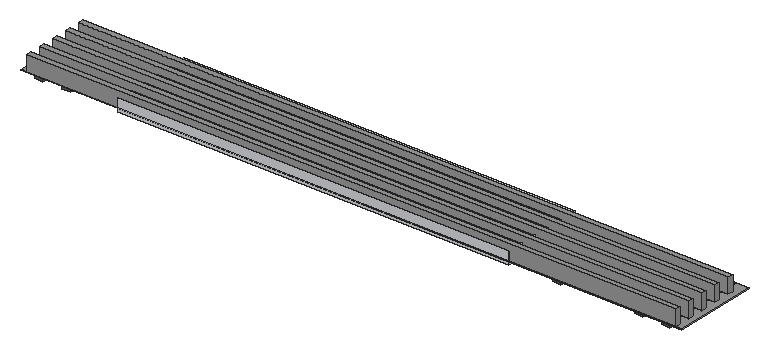
Revit family "1113-5, Solid", category Generic Models, host Face, Revit 2020
Family settings
  Host = Face
  Can host rebar = No
  Round Connector Dimension = Use Diameter
  Part Type = Normal
  Cut with Voids When Loaded = No
  Shared = No
  Room Calculation Point = No
Parameters
  min_value [instance] = 1' - 11 1/4"  # constant formula
  max_value [instance] = 11' - 11 1/4"  # constant formula
  actual_value [instance] = if(NET LENGTH < min_value, min_value, if(NET LENGTH > max_value, max_value, NET LENGTH))  # 7' - 11 1/4"
  SCRIM MATERIAL [instance] = SCRIM
  SCRIM [instance] = yes
  NET LENGTH [instance] = 7' - 11 1/4"
  Default Elevation = 4' - 0"
  BACKER MATERIAL [instance] = BLACK-BACKERS
  .. MEMBER WIDTH [instance] = 0' - 0 3/4"  # constant formula
  .. MEMBER MATERIAL [instance] = Solid Western Hemlock
  .. MEMBER LENGTH [instance] = actual_value  # 7' - 11 1/4"
  .. MEMBER DEPTH [instance] = 0' - 2 1/4"  # constant formula
  .. MEMBER COUNT [instance] = 5  # constant formula
  IMPORTANT NOTE!!!                                                                             *Backer layout is for visualization purposes only, final layout to be determined by 9Wood. [instance] = ""
Reference planes (in)
  plane 1 "Center (Front/Back)": y = 0
  plane 2: z = 1.82209
  plane 3 "Center (Left/Right)": x = 0
Forms (in)
  Extrusion 1, solid
    sketch origin (132, -33.80483, 0) x (1, 0, 0) y (0, 1, 0)
      loop
        line (-118.625, 33.80483) -> (-61.26146, 33.80483) -> (-61.26146, 45.86733) -> (-118.625, 45.86733) -> (-118.625, 33.80483)
    from 1.82209 to 0
Dimensions and locks (in)
  aligned and locked: Extrusion 1 to plane 2
  aligned and locked: plane 3 "Center (Left/Right)" to nested 1
Nested families (in)
  nested 1: "1100 SERIES CONFIG" at (0, 2, 0), .. MEMBER DEPTH <- ".. MEMBER DEPTH", .. MEMBER LENGTH <- ".. MEMBER LENGTH", .. MEMBER WIDTH <- ".. MEMBER WIDTH", .. MEMBER MATERIAL <- ".. MEMBER MATERIAL", BACKING M MATERIAL <- "BACKER MATERIAL", SCRIM  MATERIAL <- "SCRIM MATERIAL", .. MEMBER COUNT <- ".. MEMBER COUNT", SCRIM <- "SCRIM", type "1100 SERIES CONFIG"
    with X 7' - 8", SCRIM OVERHANG 2 0' - 0 3/32", SCRIM OVERHANG 0' - 0 7/8", SCRIM LENGTH 8' - 1", SCRIM  MATERIAL SCRIM, SCRIM yes, NOMINAL LENGTH 7, N 8, Inset 6' - 0 3/8", INSET 0' - 1", INDEX 0' - 5 5/8", HALF MEMBER WIDTH 0' - 0 3/8", HALF LENGTH 3' - 11 5/8", END BACKER yes, BACKING M WIDTH 0' - 1 1/4", BACKING M OC SPACING 1' - 0", BACKING M MATERIAL BLACK-BACKERS, BACKING M LENGTH 0' - 11 7/8", BACKING M DEPTH 0' - 0 1/2", BACKING M COUNT 8, 3/16" INSET 0' - 0 3/16", .. MEMBER WIDTH 0' - 0 3/4", .. MEMBER OC SPACING 0' - 2.4", .. MEMBER MATERIAL Solid Western Hemlock, .. MEMBER LENGTH 7' - 11 1/4", .. MEMBER DEPTH 0' - 2 1/4", .. MEMBER COUNT 5
Definition of nested family "1100 SERIES CONFIG"
  Parameters (values of type "1100 SERIES CONFIG")
    X [instance] = .. MEMBER LENGTH - 0' 3 1/4"  # 5' - 5"
    SCRIM OVERHANG 2 [instance] = 0' - 0 3/32"  # constant formula
    SCRIM OVERHANG [instance] = 0' - 0 7/8"  # constant formula
    SCRIM LENGTH [instance] = .. MEMBER LENGTH + (SCRIM OVERHANG * 2)  # 5' - 10"
    SCRIM  MATERIAL [instance] = none
    SCRIM [instance] = yes
    NOMINAL LENGTH [instance] = 7
    N [instance] = if((X - (rounddown(X / 1' 0") * 1' 0")) > 1' 0", rounddown(X / 1' 0") + 2, rounddown(X / 1' 0") + 1)  # 6
    Inset [instance] = 6' - 0 3/8"  # constant formula
    INSET [instance] = 0' - 1"  # constant formula
    END BACKER [instance] = INDEX > 0' 3 5/8"  # yes
    INDEX [instance] = (.. MEMBER LENGTH - ((N - 1) * 1' 0")) / 2  # 0' - 4 1/8"
    HALF MEMBER WIDTH [instance] = .. MEMBER WIDTH / 2  # 0' - 0 5/16"
    HALF LENGTH [instance] = .. MEMBER LENGTH / 2  # 2' - 10 1/8"
    Default Elevation = 0' - 0"
    BACKING M WIDTH [instance] = 0' - 1 1/4"
    BACKING M SPACING = 3' - 3"
    BACKING M MATERIAL [instance] = none
    BACKING M LENGTH [instance] = 0' - 11 7/8"
    BACKING M DEPTH [instance] = 0' - 0 1/2"
    BACKING M COUNT [instance] = N  # 6
    BACKING M OC SPACING [instance] = 1' - 0"  # constant formula
    3/16" INSET [instance] = 0' - 0 3/16"  # constant formula
    .. MEMBER WIDTH [instance] = 0' - 0 5/8"
    .. MEMBER OC SPACING [instance] = 1' 0" / .. MEMBER COUNT  # 0' - 4"
    .. MEMBER MATERIAL [instance] = none
    .. MEMBER LENGTH [instance] = 5' - 8 1/4"
    .. MEMBER DEPTH [instance] = 0' - 1 3/8"
    .. MEMBER COUNT [instance] = 3
  Reference planes (in)
    plane 1 "Center (Front/Back)": y = -2
    plane 2: z = 0
    plane 3 "Center (Left/Right)": x = 0
    plane 4: x = 1
    plane 5: x = 4.125
    plane 6: x = 34.125
    plane 7: x = 68.25
    plane 8: x = 67.25
    plane 9: x = 16.125
    plane 10: y = -1.8125
    plane 11: y = -1.6875
    plane 12: y = 2.3125
    plane 13: x = 69.125
    plane 14: x = -0.875
    plane 15: z = 0.5
    plane 16: z = 0.5625
    plane 17: y = 10.0625
    plane 18: y = 10.15625
    plane 19: y = -2.09375
  Dimensions and locks (in)
    "INSET": plane 3 "Center (Left/Right)" to plane 4
    "INDEX": plane 3 "Center (Left/Right)" to plane 5
    "HALF LENGTH": plane 3 "Center (Left/Right)" to plane 6
    ".. MEMBER LENGTH": plane 3 "Center (Left/Right)" to plane 7
    "INSET": plane 8 to plane 7
    equal spacing: group 2, group 3, group 6, group 7, group 8, group 9  (x3)
    "3/16" INSET": plane 1 "Center (Front/Back)" to plane 10
    ".. MEMBER OC SPACING": plane 12 to plane 11
    "SCRIM OVERHANG": plane 14 to plane 3 "Center (Left/Right)"
    "SCRIM OVERHANG": plane 7 to plane 13
    equal spacing: group 1, group 4, group 5  (x2)
    equal spacing: group 5, group 4, group 1
    "HALF MEMBER WIDTH": plane 1 "Center (Front/Back)" to plane 11
    "BACKING M OC SPACING": plane 5 to plane 9
    "SCRIM OVERHANG 2": plane 18 to plane 17
    "SCRIM OVERHANG 2": plane 19 to plane 1 "Center (Front/Back)"
    aligned and locked: level to plane 2
    aligned and locked: plane 6 to nested 1
    aligned and locked: nested 2 to plane 4
    aligned and locked: plane 5 to nested 3
    aligned and locked: plane 1 "Center (Front/Back)" to nested 1
    aligned and locked: nested 2 to plane 10
    aligned and locked: nested 3 to plane 10
    aligned and locked: nested 5 to plane 10
    aligned and locked: nested 4 to plane 10
    aligned and locked: nested 6 to plane 14
    aligned and locked: plane 12 to nested 7
    aligned and locked: nested 7 to plane 3 "Center (Left/Right)"
    aligned and locked: plane 9 to nested 5
    aligned and locked: plane 8 to nested 4
    aligned and locked: plane 15 to nested 2
    aligned and locked: nested 6 to plane 15
    aligned and locked: nested 1 to plane 16
    aligned and locked: nested 7 to plane 16
    aligned and locked: nested 6 to plane 19
  Nested families (in)
    nested 1: "INSTANCE - Parametric Cube" at (34.125, -1.6875, 1.9375), Length <- ".. MEMBER WIDTH", Height <- ".. MEMBER DEPTH", Width <- ".. MEMBER LENGTH", Material <- ".. MEMBER MATERIAL", type "INSTANCE - Parametric Cube"
      with Width 5' - 8 1/4", Material none, Length 0' - 0 5/8", Height 0' - 1 3/8"
    nested 2: "2ND INSTANCE - Parametric Cube" at (1.625, 4.125, 0), Height <- "BACKING M DEPTH", Length <- "BACKING M LENGTH", Width <- "BACKING M WIDTH", Material <- "BACKING M MATERIAL", visible <- "END BACKER", type "2ND INSTANCE - Parametric Cube"
      with Width 0' - 1 1/4", Material none, Length 0' - 11 7/8", Height 0' - 0 1/2"
    nested 3: "2ND INSTANCE - Parametric Cube" at (4.125, 4.125, 0), Length <- "BACKING M LENGTH", Height <- "BACKING M DEPTH", Width <- "BACKING M WIDTH", Material <- "BACKING M MATERIAL", type "2ND INSTANCE - Parametric Cube"
      with Width 0' - 1 1/4", Material none, Length 0' - 11 7/8", Height 0' - 0 1/2"
    nested 4: "2ND INSTANCE - Parametric Cube" at (66.625, 4.125, 0), Width <- "BACKING M WIDTH", Length <- "BACKING M LENGTH", Height <- "BACKING M DEPTH", Material <- "BACKING M MATERIAL", visible <- "END BACKER", type "2ND INSTANCE - Parametric Cube"
      with Width 0' - 1 1/4", Material none, Length 0' - 11 7/8", Height 0' - 0 1/2"
    nested 5: "2ND INSTANCE - Parametric Cube" at (16.125, 4.125, 0), Length <- "BACKING M LENGTH", Height <- "BACKING M DEPTH", Width <- "BACKING M WIDTH", Material <- "BACKING M MATERIAL", type "2ND INSTANCE - Parametric Cube"
      with Width 0' - 1 1/4", Material none, Length 0' - 11 7/8", Height 0' - 0 1/2"
    nested 6: "3RD INSTANCE - Parametric Cube" at (34.125, 4.0445, 0.5), Width <- "SCRIM LENGTH", Material <- "SCRIM  MATERIAL", visible <- "SCRIM", type "3RD INSTANCE - Parametric Cube"
      with Width 5' - 10", Material none, Length 1' - 0.27649", Height 0' - 0 1/16"
    nested 7: "INSTANCE - Parametric Cube" at (34.125, 2.3125, 1.9375), Length <- ".. MEMBER WIDTH", Height <- ".. MEMBER DEPTH", Width <- ".. MEMBER LENGTH", Material <- ".. MEMBER MATERIAL", type "INSTANCE - Parametric Cube"
      with Width 5' - 8 1/4", Material none, Length 0' - 0 5/8", Height 0' - 1 3/8"
    nested 8: "INSTANCE - Parametric Cube" at (34.125, 6.3125, 1.9375), Length <- ".. MEMBER WIDTH", Height <- ".. MEMBER DEPTH", Width <- ".. MEMBER LENGTH", Material <- ".. MEMBER MATERIAL", type "INSTANCE - Parametric Cube"
      with Width 5' - 8 1/4", Material none, Length 0' - 0 5/8", Height 0' - 1 3/8"
    nested 9: "2ND INSTANCE - Parametric Cube" at (28.125, 4.125, 0), Length <- "BACKING M LENGTH", Height <- "BACKING M DEPTH", Width <- "BACKING M WIDTH", Material <- "BACKING M MATERIAL", type "2ND INSTANCE - Parametric Cube"
      with Width 0' - 1 1/4", Material none, Length 0' - 11 7/8", Height 0' - 0 1/2"
    nested 10: "2ND INSTANCE - Parametric Cube" at (40.125, 4.125, 0), Length <- "BACKING M LENGTH", Height <- "BACKING M DEPTH", Width <- "BACKING M WIDTH", Material <- "BACKING M MATERIAL", type "2ND INSTANCE - Parametric Cube"
      with Width 0' - 1 1/4", Material none, Length 0' - 11 7/8", Height 0' - 0 1/2"
    nested 11: "2ND INSTANCE - Parametric Cube" at (52.125, 4.125, 0), Length <- "BACKING M LENGTH", Height <- "BACKING M DEPTH", Width <- "BACKING M WIDTH", Material <- "BACKING M MATERIAL", type "2ND INSTANCE - Parametric Cube"
      with Width 0' - 1 1/4", Material none, Length 0' - 11 7/8", Height 0' - 0 1/2"
    nested 12: "2ND INSTANCE - Parametric Cube" at (64.125, 4.125, 0), Length <- "BACKING M LENGTH", Height <- "BACKING M DEPTH", Width <- "BACKING M WIDTH", Material <- "BACKING M MATERIAL", type "2ND INSTANCE - Parametric Cube"
      with Width 0' - 1 1/4", Material none, Length 0' - 11 7/8", Height 0' - 0 1/2"
  Definition of nested family "INSTANCE - Parametric Cube"
    Parameters (values of type "INSTANCE - Parametric Cube")
      Width [instance] = 0' - 6"
      Material [instance] = none
      Length [instance] = 1' - 0"
      Height [instance] = 1' - 6"
      Default Elevation = 0' - 0"
    Reference planes (in)
      plane 1 "Center (Front/Back)": y = 0
      plane 2: z = 0
      plane 3 "Center (Left/Right)": x = 0
      plane 4: x = -3
      plane 5: x = 3
      plane 6: y = 6
      plane 7: y = -6
      plane 8: z = -18
    Forms (in)
      Extrusion 1, solid, material <- "Material"
        sketch origin (0, 0, 0) x (1, 0, 0) y (0, 1, 0)
          loop
            line (-3, 6) -> (-3, -6) -> (3, -6) -> (3, 6) -> (-3, 6)
        from -18 to 0
    Dimensions and locks (in)
      equal spacing: plane 4, plane 3 "Center (Left/Right)", plane 5
      equal spacing: plane 6, plane 1 "Center (Front/Back)", plane 7
      "Length": plane 6 to plane 7
      "Width": plane 4 to plane 5
      "Height": plane 8 to level
      aligned and locked: plane 2 to level
      aligned and locked: Extrusion 1 sketch curve to plane 6
      aligned and locked: plane 4 to Extrusion 1 sketch curve
      aligned and locked: plane 7 to Extrusion 1 sketch curve
      aligned and locked: Extrusion 1 sketch curve to plane 5
      aligned and locked: Extrusion 1 to plane 8
  Definition of nested family "2ND INSTANCE - Parametric Cube"
    Parameters (values of type "2ND INSTANCE - Parametric Cube")
      Width [instance] = 0' - 6"
      Material [instance] = none
      Length [instance] = 1' - 0"
      Height [instance] = 1' - 6"
      Default Elevation = 0' - 0"
    Reference planes (in)
      plane 1 "Center (Front/Back)": y = 0
      plane 2: z = 0
      plane 3 "Center (Left/Right)": x = 0
      plane 4: x = -3
      plane 5: x = 3
      plane 6: y = 6
      plane 7: y = -6
      plane 8: z = 18
    Forms (in)
      Extrusion 1, solid, material <- "Material"
        sketch origin (0, 0, 0) x (1, 0, 0) y (0, 1, 0)
          loop
            line (-3, 6) -> (-3, -6) -> (3, -6) -> (3, 6) -> (-3, 6)
        from 0 to 18
    Dimensions and locks (in)
      equal spacing: plane 4, plane 3 "Center (Left/Right)", plane 5
      equal spacing: plane 6, plane 1 "Center (Front/Back)", plane 7
      "Length": plane 6 to plane 7
      "Width": plane 4 to plane 5
      "Height": level to plane 8
      aligned and locked: plane 2 to level
      aligned and locked: Extrusion 1 sketch curve to plane 6
      aligned and locked: plane 4 to Extrusion 1 sketch curve
      aligned and locked: plane 7 to Extrusion 1 sketch curve
      aligned and locked: Extrusion 1 sketch curve to plane 5
      aligned and locked: plane 8 to Extrusion 1
      aligned and locked: Extrusion 1 to level
  Definition of nested family "3RD INSTANCE - Parametric Cube"
    Parameters (values of type "3RD INSTANCE - Parametric Cube")
      Width [instance] = 0' - 6"
      Material [instance] = none
      Length [instance] = 1' - 0"
      Height [instance] = 1' - 6"
      Default Elevation = 0' - 0"
    Reference planes (in)
      plane 1 "Center (Front/Back)": y = 0
      plane 2: z = 0
      plane 3 "Center (Left/Right)": x = 0
      plane 4: x = -3
      plane 5: x = 3
      plane 6: y = 6
      plane 7: y = -6
      plane 8: z = 18
    Forms (in)
      Extrusion 1, solid, material <- "Material"
        sketch origin (0, 0, 0) x (1, 0, 0) y (0, 1, 0)
          loop
            line (-3, 6) -> (-3, -6) -> (3, -6) -> (3, 6) -> (-3, 6)
        from 0 to 18
    Dimensions and locks (in)
      equal spacing: plane 4, plane 3 "Center (Left/Right)", plane 5
      equal spacing: plane 6, plane 1 "Center (Front/Back)", plane 7
      "Length": plane 6 to plane 7
      "Width": plane 4 to plane 5
      "Height": level to plane 8
      aligned and locked: plane 2 to level
      aligned and locked: Extrusion 1 sketch curve to plane 6
      aligned and locked: plane 4 to Extrusion 1 sketch curve
      aligned and locked: plane 7 to Extrusion 1 sketch curve
      aligned and locked: Extrusion 1 sketch curve to plane 5
      aligned and locked: plane 8 to Extrusion 1
      aligned and locked: Extrusion 1 to level
